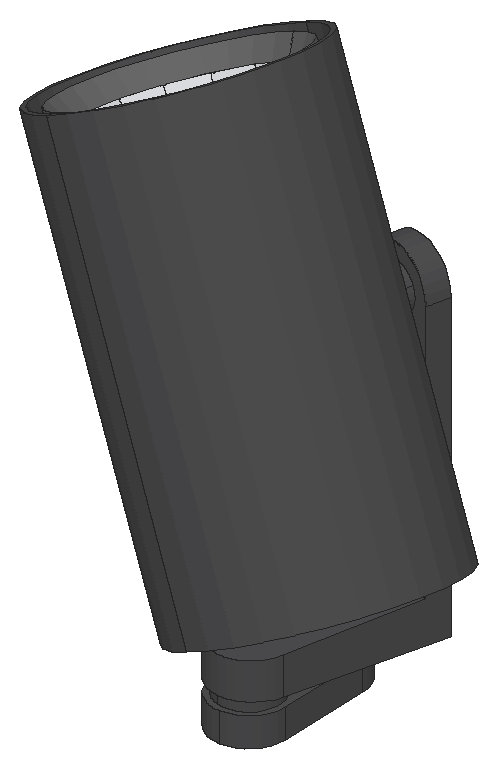
Revit family "Canilo", category Lighting Fixtures, host Face, Revit 2017 (continued)
Types (810, lengths in mm): name | system luminous flux | TK_Optic | TK_Body | System performance | SEO | ProductDataSheet | Mat | Luminaire colour | Lumen category | Lighting technology | Light colour | Lamp | IESFile | Cover / filter | CRI | Beam angle | Apparent Load
  CANILO  3P 01 LED3000-830 MF-c ET 01 | 2895 lm | "10127063" | "10161661" | 24 VA | Oktalite_Canilo_WH3000 | "http://www.oktalite.com/datasheet_print.php?language=EN&productid=63&lampid=81" | Oktalite_Alu_RAL_9016 | "RAL 9016 traffic white" | "3000 lm" | "LED" | "3000 K" | "LED" | "CANILO_LED_MF.ies" | "clear" | "85" | "Medium Flood" | 24 VA
  CANILO  3P 01 LED3000-830 MF  ET 01 | 2895 lm | "10125193" | "10161661" | 24 VA | Oktalite_Canilo_WH3000 | "http://www.oktalite.com/datasheet_print.php?language=EN&productid=63&lampid=81" | Oktalite_Alu_RAL_9016 | "RAL 9016 traffic white" | "3000 lm" | "LED" | "3000 K" | "LED" | "CANILO_LED_MF.ies" | "without" | "85" | "Medium Flood" | 24 VA
  CANILO  3P 01 LED3000-830 SP-c ET 01 | 2895 lm | "10127062" | "10161661" | 24 VA | Oktalite_Canilo_WH3000 | "http://www.oktalite.com/datasheet_print.php?language=EN&productid=63&lampid=81" | Oktalite_Alu_RAL_9016 | "RAL 9016 traffic white" | "3000 lm" | "LED" | "3000 K" | "LED" | "CANILO_LED_SP.ies" | "clear" | "85" | "Spot" | 24 VA
  CANILO  3P 01 LED3000-830 SP  ET 01 | 2895 lm | "10125190" | "10161661" | 24 VA | Oktalite_Canilo_WH3000 | "http://www.oktalite.com/datasheet_print.php?language=EN&productid=63&lampid=81" | Oktalite_Alu_RAL_9016 | "RAL 9016 traffic white" | "3000 lm" | "LED" | "3000 K" | "LED" | "CANILO_LED_SP.ies" | "without" | "85" | "Spot" | 24 VA
  CANILO  3P 05 LED3000-827 VFL-c ET 05 | 2690 lm | "10147536" | "10161660" | 24 VA | Oktalite_Canilo_WH2700 | "http://www.oktalite.com/datasheet_print.php?language=EN&productid=63&lampid=81" | Oktalite_Alu_RAL_9005 | "RAL 9005 jet black" | "3000 lm" | "LED" | "2700 K" | "LED" | "CANILO_LED_VFL.ies" | "clear" | "82" | "Very Wide Flood" | 24 VA
  CANILO  3P 05 LED3000-827 VFL  ET 05 | 2690 lm | "10147502" | "10161660" | 24 VA | Oktalite_Canilo_WH2700 | "http://www.oktalite.com/datasheet_print.php?language=EN&productid=63&lampid=81" | Oktalite_Alu_RAL_9005 | "RAL 9005 jet black" | "3000 lm" | "LED" | "2700 K" | "LED" | "CANILO_LED_VFL.ies" | "without" | "82" | "Very Wide Flood" | 24 VA
  CANILO  3P 05 LED3000-827 WFL-c ET 05 | 2690 lm | "10147535" | "10161660" | 24 VA | Oktalite_Canilo_WH2700 | "http://www.oktalite.com/datasheet_print.php?language=EN&productid=63&lampid=81" | Oktalite_Alu_RAL_9005 | "RAL 9005 jet black" | "3000 lm" | "LED" | "2700 K" | "LED" | "CANILO_LED_WFL.ies" | "clear" | "82" | "Wide Flood" | 24 VA
  CANILO  3P 05 LED3000-827 WFL  ET 05 | 2690 lm | "10147501" | "10161660" | 24 VA | Oktalite_Canilo_WH2700 | "http://www.oktalite.com/datasheet_print.php?language=EN&productid=63&lampid=81" | Oktalite_Alu_RAL_9005 | "RAL 9005 jet black" | "3000 lm" | "LED" | "2700 K" | "LED" | "CANILO_LED_WFL.ies" | "without" | "82" | "Wide Flood" | 24 VA
  CANILO  3P 05 LED3000-827 FL-c ET 05 | 2690 lm | "10127064" | "10161660" | 24 VA | Oktalite_Canilo_WH2700 | "http://www.oktalite.com/datasheet_print.php?language=EN&productid=63&lampid=81" | Oktalite_Alu_RAL_9005 | "RAL 9005 jet black" | "3000 lm" | "LED" | "2700 K" | "LED" | "CANILO_LED_FL.ies" | "clear" | "82" | "Flood" | 24 VA
  CANILO  3P 05 LED3000-827 FL  ET 05 | 2690 lm | "10125196" | "10161660" | 24 VA | Oktalite_Canilo_WH2700 | "http://www.oktalite.com/datasheet_print.php?language=EN&productid=63&lampid=81" | Oktalite_Alu_RAL_9005 | "RAL 9005 jet black" | "3000 lm" | "LED" | "2700 K" | "LED" | "CANILO_LED_FL.ies" | "without" | "82" | "Flood" | 24 VA
  CANILO  3P 05 LED3000-827 MF-c ET 05 | 2690 lm | "10127063" | "10161660" | 24 VA | Oktalite_Canilo_WH2700 | "http://www.oktalite.com/datasheet_print.php?language=EN&productid=63&lampid=81" | Oktalite_Alu_RAL_9005 | "RAL 9005 jet black" | "3000 lm" | "LED" | "2700 K" | "LED" | "CANILO_LED_MF.ies" | "clear" | "82" | "Medium Flood" | 24 VA
  CANILO  3P 05 LED3000-827 MF  ET 05 | 2690 lm | "10125193" | "10161660" | 24 VA | Oktalite_Canilo_WH2700 | "http://www.oktalite.com/datasheet_print.php?language=EN&productid=63&lampid=81" | Oktalite_Alu_RAL_9005 | "RAL 9005 jet black" | "3000 lm" | "LED" | "2700 K" | "LED" | "CANILO_LED_MF.ies" | "without" | "82" | "Medium Flood" | 24 VA
  CANILO  3P 05 LED3000-827 SP-c ET 05 | 2690 lm | "10127062" | "10161660" | 24 VA | Oktalite_Canilo_WH2700 | "http://www.oktalite.com/datasheet_print.php?language=EN&productid=63&lampid=81" | Oktalite_Alu_RAL_9005 | "RAL 9005 jet black" | "3000 lm" | "LED" | "2700 K" | "LED" | "CANILO_LED_SP.ies" | "clear" | "82" | "Spot" | 24 VA
  CANILO  3P 05 LED3000-827 SP  ET 05 | 2690 lm | "10125190" | "10161660" | 24 VA | Oktalite_Canilo_WH2700 | "http://www.oktalite.com/datasheet_print.php?language=EN&productid=63&lampid=81" | Oktalite_Alu_RAL_9005 | "RAL 9005 jet black" | "3000 lm" | "LED" | "2700 K" | "LED" | "CANILO_LED_SP.ies" | "without" | "82" | "Spot" | 24 VA
  CANILO  3P 05 LED3000-827 VFL-c ET 03 | 2690 lm | "10147536" | "10161659" | 24 VA | Oktalite_Canilo_WH2700 | "http://www.oktalite.com/datasheet_print.php?language=EN&productid=63&lampid=81" | Oktalite_Alu_RAL_9006 | "RAL 9006 white aluminium" | "3000 lm" | "LED" | "2700 K" | "LED" | "CANILO_LED_VFL.ies" | "clear" | "82" | "Very Wide Flood" | 24 VA
  CANILO  3P 05 LED3000-827 VFL  ET 03 | 2690 lm | "10147502" | "10161659" | 24 VA | Oktalite_Canilo_WH2700 | "http://www.oktalite.com/datasheet_print.php?language=EN&productid=63&lampid=81" | Oktalite_Alu_RAL_9006 | "RAL 9006 white aluminium" | "3000 lm" | "LED" | "2700 K" | "LED" | "CANILO_LED_VFL.ies" | "without" | "82" | "Very Wide Flood" | 24 VA
  CANILO  3P 05 LED3000-827 WFL-c ET 03 | 2690 lm | "10147535" | "10161659" | 24 VA | Oktalite_Canilo_WH2700 | "http://www.oktalite.com/datasheet_print.php?language=EN&productid=63&lampid=81" | Oktalite_Alu_RAL_9006 | "RAL 9006 white aluminium" | "3000 lm" | "LED" | "2700 K" | "LED" | "CANILO_LED_WFL.ies" | "clear" | "82" | "Wide Flood" | 24 VA
  CANILO  3P 05 LED3000-827 WFL  ET 03 | 2690 lm | "10147501" | "10161659" | 24 VA | Oktalite_Canilo_WH2700 | "http://www.oktalite.com/datasheet_print.php?language=EN&productid=63&lampid=81" | Oktalite_Alu_RAL_9006 | "RAL 9006 white aluminium" | "3000 lm" | "LED" | "2700 K" | "LED" | "CANILO_LED_WFL.ies" | "without" | "82" | "Wide Flood" | 24 VA
  CANILO  3P 05 LED3000-827 FL-c ET 03 | 2690 lm | "10127064" | "10161659" | 24 VA | Oktalite_Canilo_WH2700 | "http://www.oktalite.com/datasheet_print.php?language=EN&productid=63&lampid=81" | Oktalite_Alu_RAL_9006 | "RAL 9006 white aluminium" | "3000 lm" | "LED" | "2700 K" | "LED" | "CANILO_LED_FL.ies" | "clear" | "82" | "Flood" | 24 VA
  CANILO  3P 05 LED3000-827 FL  ET 03 | 2690 lm | "10125196" | "10161659" | 24 VA | Oktalite_Canilo_WH2700 | "http://www.oktalite.com/datasheet_print.php?language=EN&productid=63&lampid=81" | Oktalite_Alu_RAL_9006 | "RAL 9006 white aluminium" | "3000 lm" | "LED" | "2700 K" | "LED" | "CANILO_LED_FL.ies" | "without" | "82" | "Flood" | 24 VA
  CANILO  3P 05 LED3000-827 MF-c ET 03 | 2690 lm | "10127063" | "10161659" | 24 VA | Oktalite_Canilo_WH2700 | "http://www.oktalite.com/datasheet_print.php?language=EN&productid=63&lampid=81" | Oktalite_Alu_RAL_9006 | "RAL 9006 white aluminium" | "3000 lm" | "LED" | "2700 K" | "LED" | "CANILO_LED_MF.ies" | "clear" | "82" | "Medium Flood" | 24 VA
  CANILO  3P 05 LED3000-827 MF  ET 03 | 2690 lm | "10125193" | "10161659" | 24 VA | Oktalite_Canilo_WH2700 | "http://www.oktalite.com/datasheet_print.php?language=EN&productid=63&lampid=81" | Oktalite_Alu_RAL_9006 | "RAL 9006 white aluminium" | "3000 lm" | "LED" | "2700 K" | "LED" | "CANILO_LED_MF.ies" | "without" | "82" | "Medium Flood" | 24 VA
  CANILO  3P 05 LED3000-827 SP-c ET 03 | 2690 lm | "10127062" | "10161659" | 24 VA | Oktalite_Canilo_WH2700 | "http://www.oktalite.com/datasheet_print.php?language=EN&productid=63&lampid=81" | Oktalite_Alu_RAL_9006 | "RAL 9006 white aluminium" | "3000 lm" | "LED" | "2700 K" | "LED" | "CANILO_LED_SP.ies" | "clear" | "82" | "Spot" | 24 VA
  CANILO  3P 05 LED3000-827 SP  ET 03 | 2690 lm | "10125190" | "10161659" | 24 VA | Oktalite_Canilo_WH2700 | "http://www.oktalite.com/datasheet_print.php?language=EN&productid=63&lampid=81" | Oktalite_Alu_RAL_9006 | "RAL 9006 white aluminium" | "3000 lm" | "LED" | "2700 K" | "LED" | "CANILO_LED_SP.ies" | "without" | "82" | "Spot" | 24 VA
  CANILO  3P 01 LED3000-827 VFL-c ET 01 | 2690 lm | "10147536" | "10161658" | 24 VA | Oktalite_Canilo_WH2700 | "http://www.oktalite.com/datasheet_print.php?language=EN&productid=63&lampid=81" | Oktalite_Alu_RAL_9016 | "RAL 9016 traffic white" | "3000 lm" | "LED" | "2700 K" | "LED" | "CANILO_LED_VFL.ies" | "clear" | "82" | "Very Wide Flood" | 24 VA
  CANILO  3P 01 LED3000-827 VFL  ET 01 | 2690 lm | "10147502" | "10161658" | 24 VA | Oktalite_Canilo_WH2700 | "http://www.oktalite.com/datasheet_print.php?language=EN&productid=63&lampid=81" | Oktalite_Alu_RAL_9016 | "RAL 9016 traffic white" | "3000 lm" | "LED" | "2700 K" | "LED" | "CANILO_LED_VFL.ies" | "without" | "82" | "Very Wide Flood" | 24 VA
  CANILO  3P 01 LED3000-827 WFL-c ET 01 | 2690 lm | "10147535" | "10161658" | 24 VA | Oktalite_Canilo_WH2700 | "http://www.oktalite.com/datasheet_print.php?language=EN&productid=63&lampid=81" | Oktalite_Alu_RAL_9016 | "RAL 9016 traffic white" | "3000 lm" | "LED" | "2700 K" | "LED" | "CANILO_LED_WFL.ies" | "clear" | "82" | "Wide Flood" | 24 VA
  CANILO  3P 01 LED3000-827 WFL  ET 01 | 2690 lm | "10147501" | "10161658" | 24 VA | Oktalite_Canilo_WH2700 | "http://www.oktalite.com/datasheet_print.php?language=EN&productid=63&lampid=81" | Oktalite_Alu_RAL_9016 | "RAL 9016 traffic white" | "3000 lm" | "LED" | "2700 K" | "LED" | "CANILO_LED_WFL.ies" | "without" | "82" | "Wide Flood" | 24 VA
  CANILO  3P 01 LED3000-827 FL-c ET 01 | 2690 lm | "10127064" | "10161658" | 24 VA | Oktalite_Canilo_WH2700 | "http://www.oktalite.com/datasheet_print.php?language=EN&productid=63&lampid=81" | Oktalite_Alu_RAL_9016 | "RAL 9016 traffic white" | "3000 lm" | "LED" | "2700 K" | "LED" | "CANILO_LED_FL.ies" | "clear" | "82" | "Flood" | 24 VA
  CANILO  3P 01 LED3000-827 FL  ET 01 | 2690 lm | "10125196" | "10161658" | 24 VA | Oktalite_Canilo_WH2700 | "http://www.oktalite.com/datasheet_print.php?language=EN&productid=63&lampid=81" | Oktalite_Alu_RAL_9016 | "RAL 9016 traffic white" | "3000 lm" | "LED" | "2700 K" | "LED" | "CANILO_LED_FL.ies" | "without" | "82" | "Flood" | 24 VA
  CANILO  3P 01 LED3000-827 MF-c ET 01 | 2690 lm | "10127063" | "10161658" | 24 VA | Oktalite_Canilo_WH2700 | "http://www.oktalite.com/datasheet_print.php?language=EN&productid=63&lampid=81" | Oktalite_Alu_RAL_9016 | "RAL 9016 traffic white" | "3000 lm" | "LED" | "2700 K" | "LED" | "CANILO_LED_MF.ies" | "clear" | "82" | "Medium Flood" | 24 VA
  CANILO  3P 01 LED3000-827 MF  ET 01 | 2690 lm | "10125193" | "10161658" | 24 VA | Oktalite_Canilo_WH2700 | "http://www.oktalite.com/datasheet_print.php?language=EN&productid=63&lampid=81" | Oktalite_Alu_RAL_9016 | "RAL 9016 traffic white" | "3000 lm" | "LED" | "2700 K" | "LED" | "CANILO_LED_MF.ies" | "without" | "82" | "Medium Flood" | 24 VA
  CANILO  3P 01 LED3000-827 SP-c ET 01 | 2690 lm | "10127062" | "10161658" | 24 VA | Oktalite_Canilo_WH2700 | "http://www.oktalite.com/datasheet_print.php?language=EN&productid=63&lampid=81" | Oktalite_Alu_RAL_9016 | "RAL 9016 traffic white" | "3000 lm" | "LED" | "2700 K" | "LED" | "CANILO_LED_SP.ies" | "clear" | "82" | "Spot" | 24 VA
  CANILO  3P 01 LED3000-827 SP  ET 01 | 2690 lm | "10125190" | "10161658" | 24 VA | Oktalite_Canilo_WH2700 | "http://www.oktalite.com/datasheet_print.php?language=EN&productid=63&lampid=81" | Oktalite_Alu_RAL_9016 | "RAL 9016 traffic white" | "3000 lm" | "LED" | "2700 K" | "LED" | "CANILO_LED_SP.ies" | "without" | "82" | "Spot" | 24 VA
  CANILO  3P 05 LED3000-BVC VFL-c ET 05 | 2860 lm | "10147536" | "10161314" | 31 VA | Oktalite_Canilo_WH3100 | "http://www.oktalite.com/datasheet_print.php?language=EN&productid=63&lampid=81" | Oktalite_Alu_RAL_9005 | "RAL 9005 jet black" | "3000 lm" | "LED" | "B+V+C" | "LED" | "CANILO_LED_VFL.ies" | "clear" | "-" | "Very Wide Flood" | 31 VA
  CANILO  3P 05 LED3000-BVC VFL  ET 05 | 2860 lm | "10147502" | "10161314" | 31 VA | Oktalite_Canilo_WH3100 | "http://www.oktalite.com/datasheet_print.php?language=EN&productid=63&lampid=81" | Oktalite_Alu_RAL_9005 | "RAL 9005 jet black" | "3000 lm" | "LED" | "B+V+C" | "LED" | "CANILO_LED_VFL.ies" | "without" | "-" | "Very Wide Flood" | 31 VA
  CANILO  3P 05 LED3000-BVC WFL-c ET 05 | 2860 lm | "10147535" | "10161314" | 31 VA | Oktalite_Canilo_WH3100 | "http://www.oktalite.com/datasheet_print.php?language=EN&productid=63&lampid=81" | Oktalite_Alu_RAL_9005 | "RAL 9005 jet black" | "3000 lm" | "LED" | "B+V+C" | "LED" | "CANILO_LED_WFL.ies" | "clear" | "-" | "Wide Flood" | 31 VA
  CANILO  3P 05 LED3000-BVC WFL  ET 05 | 2860 lm | "10147501" | "10161314" | 31 VA | Oktalite_Canilo_WH3100 | "http://www.oktalite.com/datasheet_print.php?language=EN&productid=63&lampid=81" | Oktalite_Alu_RAL_9005 | "RAL 9005 jet black" | "3000 lm" | "LED" | "B+V+C" | "LED" | "CANILO_LED_WFL.ies" | "without" | "-" | "Wide Flood" | 31 VA
  CANILO  3P 05 LED3000-BVC FL-c ET 05 | 2860 lm | "10127064" | "10161314" | 31 VA | Oktalite_Canilo_WH3100 | "http://www.oktalite.com/datasheet_print.php?language=EN&productid=63&lampid=81" | Oktalite_Alu_RAL_9005 | "RAL 9005 jet black" | "3000 lm" | "LED" | "B+V+C" | "LED" | "CANILO_LED_FL.ies" | "clear" | "-" | "Flood" | 31 VA
  CANILO  3P 05 LED3000-BVC FL  ET 05 | 2860 lm | "10125196" | "10161314" | 31 VA | Oktalite_Canilo_WH3100 | "http://www.oktalite.com/datasheet_print.php?language=EN&productid=63&lampid=81" | Oktalite_Alu_RAL_9005 | "RAL 9005 jet black" | "3000 lm" | "LED" | "B+V+C" | "LED" | "CANILO_LED_FL.ies" | "without" | "-" | "Flood" | 31 VA
  CANILO  3P 05 LED3000-BVC MF-c ET 05 | 2860 lm | "10127063" | "10161314" | 31 VA | Oktalite_Canilo_WH3100 | "http://www.oktalite.com/datasheet_print.php?language=EN&productid=63&lampid=81" | Oktalite_Alu_RAL_9005 | "RAL 9005 jet black" | "3000 lm" | "LED" | "B+V+C" | "LED" | "CANILO_LED_MF.ies" | "clear" | "-" | "Medium Flood" | 31 VA
  CANILO  3P 05 LED3000-BVC MF  ET 05 | 2860 lm | "10125193" | "10161314" | 31 VA | Oktalite_Canilo_WH3100 | "http://www.oktalite.com/datasheet_print.php?language=EN&productid=63&lampid=81" | Oktalite_Alu_RAL_9005 | "RAL 9005 jet black" | "3000 lm" | "LED" | "B+V+C" | "LED" | "CANILO_LED_MF.ies" | "without" | "-" | "Medium Flood" | 31 VA
  CANILO  3P 05 LED3000-BVC SP-c ET 05 | 2860 lm | "10127062" | "10161314" | 31 VA | Oktalite_Canilo_WH3100 | "http://www.oktalite.com/datasheet_print.php?language=EN&productid=63&lampid=81" | Oktalite_Alu_RAL_9005 | "RAL 9005 jet black" | "3000 lm" | "LED" | "B+V+C" | "LED" | "CANILO_LED_SP.ies" | "clear" | "-" | "Spot" | 31 VA
  CANILO  3P 05 LED3000-BVC SP  ET 05 | 2860 lm | "10125190" | "10161314" | 31 VA | Oktalite_Canilo_WH3100 | "http://www.oktalite.com/datasheet_print.php?language=EN&productid=63&lampid=81" | Oktalite_Alu_RAL_9005 | "RAL 9005 jet black" | "3000 lm" | "LED" | "B+V+C" | "LED" | "CANILO_LED_SP.ies" | "without" | "-" | "Spot" | 31 VA
  CANILO  3P 05 LED3000-BVC VFL-c ET 03 | 2860 lm | "10147536" | "10161313" | 31 VA | Oktalite_Canilo_WH3100 | "http://www.oktalite.com/datasheet_print.php?language=EN&productid=63&lampid=81" | Oktalite_Alu_RAL_9006 | "RAL 9006 white aluminium" | "3000 lm" | "LED" | "B+V+C" | "LED" | "CANILO_LED_VFL.ies" | "clear" | "-" | "Very Wide Flood" | 31 VA
  CANILO  3P 05 LED3000-BVC VFL  ET 03 | 2860 lm | "10147502" | "10161313" | 31 VA | Oktalite_Canilo_WH3100 | "http://www.oktalite.com/datasheet_print.php?language=EN&productid=63&lampid=81" | Oktalite_Alu_RAL_9006 | "RAL 9006 white aluminium" | "3000 lm" | "LED" | "B+V+C" | "LED" | "CANILO_LED_VFL.ies" | "without" | "-" | "Very Wide Flood" | 31 VA
  CANILO  3P 05 LED3000-BVC WFL-c ET 03 | 2860 lm | "10147535" | "10161313" | 31 VA | Oktalite_Canilo_WH3100 | "http://www.oktalite.com/datasheet_print.php?language=EN&productid=63&lampid=81" | Oktalite_Alu_RAL_9006 | "RAL 9006 white aluminium" | "3000 lm" | "LED" | "B+V+C" | "LED" | "CANILO_LED_WFL.ies" | "clear" | "-" | "Wide Flood" | 31 VA
  CANILO  3P 05 LED3000-BVC WFL  ET 03 | 2860 lm | "10147501" | "10161313" | 31 VA | Oktalite_Canilo_WH3100 | "http://www.oktalite.com/datasheet_print.php?language=EN&productid=63&lampid=81" | Oktalite_Alu_RAL_9006 | "RAL 9006 white aluminium" | "3000 lm" | "LED" | "B+V+C" | "LED" | "CANILO_LED_WFL.ies" | "without" | "-" | "Wide Flood" | 31 VA
  CANILO  3P 05 LED3000-BVC FL-c ET 03 | 2860 lm | "10127064" | "10161313" | 31 VA | Oktalite_Canilo_WH3100 | "http://www.oktalite.com/datasheet_print.php?language=EN&productid=63&lampid=81" | Oktalite_Alu_RAL_9006 | "RAL 9006 white aluminium" | "3000 lm" | "LED" | "B+V+C" | "LED" | "CANILO_LED_FL.ies" | "clear" | "-" | "Flood" | 31 VA
  CANILO  3P 05 LED3000-BVC FL  ET 03 | 2860 lm | "10125196" | "10161313" | 31 VA | Oktalite_Canilo_WH3100 | "http://www.oktalite.com/datasheet_print.php?language=EN&productid=63&lampid=81" | Oktalite_Alu_RAL_9006 | "RAL 9006 white aluminium" | "3000 lm" | "LED" | "B+V+C" | "LED" | "CANILO_LED_FL.ies" | "without" | "-" | "Flood" | 31 VA
  CANILO  3P 05 LED3000-BVC MF-c ET 03 | 2860 lm | "10127063" | "10161313" | 31 VA | Oktalite_Canilo_WH3100 | "http://www.oktalite.com/datasheet_print.php?language=EN&productid=63&lampid=81" | Oktalite_Alu_RAL_9006 | "RAL 9006 white aluminium" | "3000 lm" | "LED" | "B+V+C" | "LED" | "CANILO_LED_MF.ies" | "clear" | "-" | "Medium Flood" | 31 VA
  CANILO  3P 05 LED3000-BVC MF  ET 03 | 2860 lm | "10125193" | "10161313" | 31 VA | Oktalite_Canilo_WH3100 | "http://www.oktalite.com/datasheet_print.php?language=EN&productid=63&lampid=81" | Oktalite_Alu_RAL_9006 | "RAL 9006 white aluminium" | "3000 lm" | "LED" | "B+V+C" | "LED" | "CANILO_LED_MF.ies" | "without" | "-" | "Medium Flood" | 31 VA
  CANILO  3P 05 LED3000-BVC SP-c ET 03 | 2860 lm | "10127062" | "10161313" | 31 VA | Oktalite_Canilo_WH3100 | "http://www.oktalite.com/datasheet_print.php?language=EN&productid=63&lampid=81" | Oktalite_Alu_RAL_9006 | "RAL 9006 white aluminium" | "3000 lm" | "LED" | "B+V+C" | "LED" | "CANILO_LED_SP.ies" | "clear" | "-" | "Spot" | 31 VA
  CANILO  3P 05 LED3000-BVC SP  ET 03 | 2860 lm | "10125190" | "10161313" | 31 VA | Oktalite_Canilo_WH3100 | "http://www.oktalite.com/datasheet_print.php?language=EN&productid=63&lampid=81" | Oktalite_Alu_RAL_9006 | "RAL 9006 white aluminium" | "3000 lm" | "LED" | "B+V+C" | "LED" | "CANILO_LED_SP.ies" | "without" | "-" | "Spot" | 31 VA
  CANILO  3P 01 LED3000-BVC VFL-c ET 01 | 2860 lm | "10147536" | "10161312" | 31 VA | Oktalite_Canilo_WH3100 | "http://www.oktalite.com/datasheet_print.php?language=EN&productid=63&lampid=81" | Oktalite_Alu_RAL_9016 | "RAL 9016 traffic white" | "3000 lm" | "LED" | "B+V+C" | "LED" | "CANILO_LED_VFL.ies" | "clear" | "-" | "Very Wide Flood" | 31 VA
  CANILO  3P 01 LED3000-BVC VFL  ET 01 | 2860 lm | "10147502" | "10161312" | 31 VA | Oktalite_Canilo_WH3100 | "http://www.oktalite.com/datasheet_print.php?language=EN&productid=63&lampid=81" | Oktalite_Alu_RAL_9016 | "RAL 9016 traffic white" | "3000 lm" | "LED" | "B+V+C" | "LED" | "CANILO_LED_VFL.ies" | "without" | "-" | "Very Wide Flood" | 31 VA
  CANILO  3P 01 LED3000-BVC WFL-c ET 01 | 2860 lm | "10147535" | "10161312" | 31 VA | Oktalite_Canilo_WH3100 | "http://www.oktalite.com/datasheet_print.php?language=EN&productid=63&lampid=81" | Oktalite_Alu_RAL_9016 | "RAL 9016 traffic white" | "3000 lm" | "LED" | "B+V+C" | "LED" | "CANILO_LED_WFL.ies" | "clear" | "-" | "Wide Flood" | 31 VA
  CANILO  3P 01 LED3000-BVC WFL  ET 01 | 2860 lm | "10147501" | "10161312" | 31 VA | Oktalite_Canilo_WH3100 | "http://www.oktalite.com/datasheet_print.php?language=EN&productid=63&lampid=81" | Oktalite_Alu_RAL_9016 | "RAL 9016 traffic white" | "3000 lm" | "LED" | "B+V+C" | "LED" | "CANILO_LED_WFL.ies" | "without" | "-" | "Wide Flood" | 31 VA
  CANILO  3P 01 LED3000-BVC FL-c ET 01 | 2860 lm | "10127064" | "10161312" | 31 VA | Oktalite_Canilo_WH3100 | "http://www.oktalite.com/datasheet_print.php?language=EN&productid=63&lampid=81" | Oktalite_Alu_RAL_9016 | "RAL 9016 traffic white" | "3000 lm" | "LED" | "B+V+C" | "LED" | "CANILO_LED_FL.ies" | "clear" | "-" | "Flood" | 31 VA
  CANILO  3P 01 LED3000-BVC FL  ET 01 | 2860 lm | "10125196" | "10161312" | 31 VA | Oktalite_Canilo_WH3100 | "http://www.oktalite.com/datasheet_print.php?language=EN&productid=63&lampid=81" | Oktalite_Alu_RAL_9016 | "RAL 9016 traffic white" | "3000 lm" | "LED" | "B+V+C" | "LED" | "CANILO_LED_FL.ies" | "without" | "-" | "Flood" | 31 VA
  CANILO  3P 01 LED3000-BVC MF-c ET 01 | 2860 lm | "10127063" | "10161312" | 31 VA | Oktalite_Canilo_WH3100 | "http://www.oktalite.com/datasheet_print.php?language=EN&productid=63&lampid=81" | Oktalite_Alu_RAL_9016 | "RAL 9016 traffic white" | "3000 lm" | "LED" | "B+V+C" | "LED" | "CANILO_LED_MF.ies" | "clear" | "-" | "Medium Flood" | 31 VA
  CANILO  3P 01 LED3000-BVC MF  ET 01 | 2860 lm | "10125193" | "10161312" | 31 VA | Oktalite_Canilo_WH3100 | "http://www.oktalite.com/datasheet_print.php?language=EN&productid=63&lampid=81" | Oktalite_Alu_RAL_9016 | "RAL 9016 traffic white" | "3000 lm" | "LED" | "B+V+C" | "LED" | "CANILO_LED_MF.ies" | "without" | "-" | "Medium Flood" | 31 VA
  CANILO  3P 01 LED3000-BVC SP-c ET 01 | 2860 lm | "10127062" | "10161312" | 31 VA | Oktalite_Canilo_WH3100 | "http://www.oktalite.com/datasheet_print.php?language=EN&productid=63&lampid=81" | Oktalite_Alu_RAL_9016 | "RAL 9016 traffic white" | "3000 lm" | "LED" | "B+V+C" | "LED" | "CANILO_LED_SP.ies" | "clear" | "-" | "Spot" | 31 VA
  CANILO  3P 01 LED3000-BVC SP  ET 01 | 2860 lm | "10125190" | "10161312" | 31 VA | Oktalite_Canilo_WH3100 | "http://www.oktalite.com/datasheet_print.php?language=EN&productid=63&lampid=81" | Oktalite_Alu_RAL_9016 | "RAL 9016 traffic white" | "3000 lm" | "LED" | "B+V+C" | "LED" | "CANILO_LED_SP.ies" | "without" | "-" | "Spot" | 31 VA
  CANILO  3P 05 LED4000-831 VFL-c ET 05 | 3555 lm | "10147536" | "10161696" | 32 VA | Oktalite_Canilo_WH3100 | "http://www.oktalite.com/datasheet_print.php?language=EN&productid=63&lampid=81" | Oktalite_Alu_RAL_9005 | "RAL 9005 jet black" | "4000 lm" | "LED" | "3100 K Efficient Colour" | "LED" | "CANILO_LED_VFL.ies" | "clear" | "85" | "Very Wide Flood" | 32 VA
  CANILO  3P 05 LED4000-831 VFL  ET 05 | 3555 lm | "10147502" | "10161696" | 32 VA | Oktalite_Canilo_WH3100 | "http://www.oktalite.com/datasheet_print.php?language=EN&productid=63&lampid=81" | Oktalite_Alu_RAL_9005 | "RAL 9005 jet black" | "4000 lm" | "LED" | "3100 K Efficient Colour" | "LED" | "CANILO_LED_VFL.ies" | "without" | "85" | "Very Wide Flood" | 32 VA
  CANILO  3P 05 LED4000-831 WFL-c ET 05 | 3555 lm | "10147535" | "10161696" | 32 VA | Oktalite_Canilo_WH3100 | "http://www.oktalite.com/datasheet_print.php?language=EN&productid=63&lampid=81" | Oktalite_Alu_RAL_9005 | "RAL 9005 jet black" | "4000 lm" | "LED" | "3100 K Efficient Colour" | "LED" | "CANILO_LED_WFL.ies" | "clear" | "85" | "Wide Flood" | 32 VA
  CANILO  3P 05 LED4000-831 WFL  ET 05 | 3555 lm | "10147501" | "10161696" | 32 VA | Oktalite_Canilo_WH3100 | "http://www.oktalite.com/datasheet_print.php?language=EN&productid=63&lampid=81" | Oktalite_Alu_RAL_9005 | "RAL 9005 jet black" | "4000 lm" | "LED" | "3100 K Efficient Colour" | "LED" | "CANILO_LED_WFL.ies" | "without" | "85" | "Wide Flood" | 32 VA
  CANILO  3P 05 LED4000-831 FL-c ET 05 | 3555 lm | "10127064" | "10161696" | 32 VA | Oktalite_Canilo_WH3100 | "http://www.oktalite.com/datasheet_print.php?language=EN&productid=63&lampid=81" | Oktalite_Alu_RAL_9005 | "RAL 9005 jet black" | "4000 lm" | "LED" | "3100 K Efficient Colour" | "LED" | "CANILO_LED_FL.ies" | "clear" | "85" | "Flood" | 32 VA
  CANILO  3P 05 LED4000-831 FL  ET 05 | 3555 lm | "10125196" | "10161696" | 32 VA | Oktalite_Canilo_WH3100 | "http://www.oktalite.com/datasheet_print.php?language=EN&productid=63&lampid=81" | Oktalite_Alu_RAL_9005 | "RAL 9005 jet black" | "4000 lm" | "LED" | "3100 K Efficient Colour" | "LED" | "CANILO_LED_FL.ies" | "without" | "85" | "Flood" | 32 VA
  CANILO  3P 05 LED4000-831 MF-c ET 05 | 3555 lm | "10127063" | "10161696" | 32 VA | Oktalite_Canilo_WH3100 | "http://www.oktalite.com/datasheet_print.php?language=EN&productid=63&lampid=81" | Oktalite_Alu_RAL_9005 | "RAL 9005 jet black" | "4000 lm" | "LED" | "3100 K Efficient Colour" | "LED" | "CANILO_LED_MF.ies" | "clear" | "85" | "Medium Flood" | 32 VA
  CANILO  3P 05 LED4000-831 MF  ET 05 | 3555 lm | "10125193" | "10161696" | 32 VA | Oktalite_Canilo_WH3100 | "http://www.oktalite.com/datasheet_print.php?language=EN&productid=63&lampid=81" | Oktalite_Alu_RAL_9005 | "RAL 9005 jet black" | "4000 lm" | "LED" | "3100 K Efficient Colour" | "LED" | "CANILO_LED_MF.ies" | "without" | "85" | "Medium Flood" | 32 VA
  CANILO  3P 05 LED4000-831 SP-c ET 05 | 3555 lm | "10127062" | "10161696" | 32 VA | Oktalite_Canilo_WH3100 | "http://www.oktalite.com/datasheet_print.php?language=EN&productid=63&lampid=81" | Oktalite_Alu_RAL_9005 | "RAL 9005 jet black" | "4000 lm" | "LED" | "3100 K Efficient Colour" | "LED" | "CANILO_LED_SP.ies" | "clear" | "85" | "Spot" | 32 VA
  CANILO  3P 05 LED4000-831 SP  ET 05 | 3555 lm | "10125190" | "10161696" | 32 VA | Oktalite_Canilo_WH3100 | "http://www.oktalite.com/datasheet_print.php?language=EN&productid=63&lampid=81" | Oktalite_Alu_RAL_9005 | "RAL 9005 jet black" | "4000 lm" | "LED" | "3100 K Efficient Colour" | "LED" | "CANILO_LED_SP.ies" | "without" | "85" | "Spot" | 32 VA
  CANILO  3P 05 LED4000-831 VFL-c ET 03 | 3555 lm | "10147536" | "10161695" | 32 VA | Oktalite_Canilo_WH3100 | "http://www.oktalite.com/datasheet_print.php?language=EN&productid=63&lampid=81" | Oktalite_Alu_RAL_9006 | "RAL 9006 white aluminium" | "4000 lm" | "LED" | "3100 K Efficient Colour" | "LED" | "CANILO_LED_VFL.ies" | "clear" | "85" | "Very Wide Flood" | 32 VA
  CANILO  3P 05 LED4000-831 VFL  ET 03 | 3555 lm | "10147502" | "10161695" | 32 VA | Oktalite_Canilo_WH3100 | "http://www.oktalite.com/datasheet_print.php?language=EN&productid=63&lampid=81" | Oktalite_Alu_RAL_9006 | "RAL 9006 white aluminium" | "4000 lm" | "LED" | "3100 K Efficient Colour" | "LED" | "CANILO_LED_VFL.ies" | "without" | "85" | "Very Wide Flood" | 32 VA
  CANILO  3P 05 LED4000-831 WFL-c ET 03 | 3555 lm | "10147535" | "10161695" | 32 VA | Oktalite_Canilo_WH3100 | "http://www.oktalite.com/datasheet_print.php?language=EN&productid=63&lampid=81" | Oktalite_Alu_RAL_9006 | "RAL 9006 white aluminium" | "4000 lm" | "LED" | "3100 K Efficient Colour" | "LED" | "CANILO_LED_WFL.ies" | "clear" | "85" | "Wide Flood" | 32 VA
  CANILO  3P 05 LED4000-831 WFL  ET 03 | 3555 lm | "10147501" | "10161695" | 32 VA | Oktalite_Canilo_WH3100 | "http://www.oktalite.com/datasheet_print.php?language=EN&productid=63&lampid=81" | Oktalite_Alu_RAL_9006 | "RAL 9006 white aluminium" | "4000 lm" | "LED" | "3100 K Efficient Colour" | "LED" | "CANILO_LED_WFL.ies" | "without" | "85" | "Wide Flood" | 32 VA
  CANILO  3P 05 LED4000-831 FL-c ET 03 | 3555 lm | "10127064" | "10161695" | 32 VA | Oktalite_Canilo_WH3100 | "http://www.oktalite.com/datasheet_print.php?language=EN&productid=63&lampid=81" | Oktalite_Alu_RAL_9006 | "RAL 9006 white aluminium" | "4000 lm" | "LED" | "3100 K Efficient Colour" | "LED" | "CANILO_LED_FL.ies" | "clear" | "85" | "Flood" | 32 VA
  CANILO  3P 05 LED4000-831 FL  ET 03 | 3555 lm | "10125196" | "10161695" | 32 VA | Oktalite_Canilo_WH3100 | "http://www.oktalite.com/datasheet_print.php?language=EN&productid=63&lampid=81" | Oktalite_Alu_RAL_9006 | "RAL 9006 white aluminium" | "4000 lm" | "LED" | "3100 K Efficient Colour" | "LED" | "CANILO_LED_FL.ies" | "without" | "85" | "Flood" | 32 VA
  CANILO  3P 05 LED4000-831 MF-c ET 03 | 3555 lm | "10127063" | "10161695" | 32 VA | Oktalite_Canilo_WH3100 | "http://www.oktalite.com/datasheet_print.php?language=EN&productid=63&lampid=81" | Oktalite_Alu_RAL_9006 | "RAL 9006 white aluminium" | "4000 lm" | "LED" | "3100 K Efficient Colour" | "LED" | "CANILO_LED_MF.ies" | "clear" | "85" | "Medium Flood" | 32 VA
  CANILO  3P 05 LED4000-831 MF  ET 03 | 3555 lm | "10125193" | "10161695" | 32 VA | Oktalite_Canilo_WH3100 | "http://www.oktalite.com/datasheet_print.php?language=EN&productid=63&lampid=81" | Oktalite_Alu_RAL_9006 | "RAL 9006 white aluminium" | "4000 lm" | "LED" | "3100 K Efficient Colour" | "LED" | "CANILO_LED_MF.ies" | "without" | "85" | "Medium Flood" | 32 VA
  CANILO  3P 05 LED4000-831 SP-c ET 03 | 3555 lm | "10127062" | "10161695" | 32 VA | Oktalite_Canilo_WH3100 | "http://www.oktalite.com/datasheet_print.php?language=EN&productid=63&lampid=81" | Oktalite_Alu_RAL_9006 | "RAL 9006 white aluminium" | "4000 lm" | "LED" | "3100 K Efficient Colour" | "LED" | "CANILO_LED_SP.ies" | "clear" | "85" | "Spot" | 32 VA
  CANILO  3P 05 LED4000-831 SP  ET 03 | 3555 lm | "10125190" | "10161695" | 32 VA | Oktalite_Canilo_WH3100 | "http://www.oktalite.com/datasheet_print.php?language=EN&productid=63&lampid=81" | Oktalite_Alu_RAL_9006 | "RAL 9006 white aluminium" | "4000 lm" | "LED" | "3100 K Efficient Colour" | "LED" | "CANILO_LED_SP.ies" | "without" | "85" | "Spot" | 32 VA
  CANILO  3P 01 LED4000-831 VFL-c ET 01 | 3555 lm | "10147536" | "10161694" | 32 VA | Oktalite_Canilo_WH3100 | "http://www.oktalite.com/datasheet_print.php?language=EN&productid=63&lampid=81" | Oktalite_Alu_RAL_9016 | "RAL 9016 traffic white" | "4000 lm" | "LED" | "3100 K Efficient Colour" | "LED" | "CANILO_LED_VFL.ies" | "clear" | "85" | "Very Wide Flood" | 32 VA
  CANILO  3P 01 LED4000-831 VFL  ET 01 | 3555 lm | "10147502" | "10161694" | 32 VA | Oktalite_Canilo_WH3100 | "http://www.oktalite.com/datasheet_print.php?language=EN&productid=63&lampid=81" | Oktalite_Alu_RAL_9016 | "RAL 9016 traffic white" | "4000 lm" | "LED" | "3100 K Efficient Colour" | "LED" | "CANILO_LED_VFL.ies" | "without" | "85" | "Very Wide Flood" | 32 VA
  CANILO  3P 01 LED4000-831 WFL-c ET 01 | 3555 lm | "10147535" | "10161694" | 32 VA | Oktalite_Canilo_WH3100 | "http://www.oktalite.com/datasheet_print.php?language=EN&productid=63&lampid=81" | Oktalite_Alu_RAL_9016 | "RAL 9016 traffic white" | "4000 lm" | "LED" | "3100 K Efficient Colour" | "LED" | "CANILO_LED_WFL.ies" | "clear" | "85" | "Wide Flood" | 32 VA
  CANILO  3P 01 LED4000-831 WFL  ET 01 | 3555 lm | "10147501" | "10161694" | 32 VA | Oktalite_Canilo_WH3100 | "http://www.oktalite.com/datasheet_print.php?language=EN&productid=63&lampid=81" | Oktalite_Alu_RAL_9016 | "RAL 9016 traffic white" | "4000 lm" | "LED" | "3100 K Efficient Colour" | "LED" | "CANILO_LED_WFL.ies" | "without" | "85" | "Wide Flood" | 32 VA
  CANILO  3P 01 LED4000-831 FL-c ET 01 | 3555 lm | "10127064" | "10161694" | 32 VA | Oktalite_Canilo_WH3100 | "http://www.oktalite.com/datasheet_print.php?language=EN&productid=63&lampid=81" | Oktalite_Alu_RAL_9016 | "RAL 9016 traffic white" | "4000 lm" | "LED" | "3100 K Efficient Colour" | "LED" | "CANILO_LED_FL.ies" | "clear" | "85" | "Flood" | 32 VA
  CANILO  3P 01 LED4000-831 FL  ET 01 | 3555 lm | "10125196" | "10161694" | 32 VA | Oktalite_Canilo_WH3100 | "http://www.oktalite.com/datasheet_print.php?language=EN&productid=63&lampid=81" | Oktalite_Alu_RAL_9016 | "RAL 9016 traffic white" | "4000 lm" | "LED" | "3100 K Efficient Colour" | "LED" | "CANILO_LED_FL.ies" | "without" | "85" | "Flood" | 32 VA
  CANILO  3P 01 LED4000-831 MF-c ET 01 | 3555 lm | "10127063" | "10161694" | 32 VA | Oktalite_Canilo_WH3100 | "http://www.oktalite.com/datasheet_print.php?language=EN&productid=63&lampid=81" | Oktalite_Alu_RAL_9016 | "RAL 9016 traffic white" | "4000 lm" | "LED" | "3100 K Efficient Colour" | "LED" | "CANILO_LED_MF.ies" | "clear" | "85" | "Medium Flood" | 32 VA
  CANILO  3P 01 LED4000-831 MF  ET 01 | 3555 lm | "10125193" | "10161694" | 32 VA | Oktalite_Canilo_WH3100 | "http://www.oktalite.com/datasheet_print.php?language=EN&productid=63&lampid=81" | Oktalite_Alu_RAL_9016 | "RAL 9016 traffic white" | "4000 lm" | "LED" | "3100 K Efficient Colour" | "LED" | "CANILO_LED_MF.ies" | "without" | "85" | "Medium Flood" | 32 VA
  CANILO  3P 01 LED4000-831 SP-c ET 01 | 3555 lm | "10127062" | "10161694" | 32 VA | Oktalite_Canilo_WH3100 | "http://www.oktalite.com/datasheet_print.php?language=EN&productid=63&lampid=81" | Oktalite_Alu_RAL_9016 | "RAL 9016 traffic white" | "4000 lm" | "LED" | "3100 K Efficient Colour" | "LED" | "CANILO_LED_SP.ies" | "clear" | "85" | "Spot" | 32 VA
  CANILO  3P 01 LED4000-831 SP  ET 01 | 3555 lm | "10125190" | "10161694" | 32 VA | Oktalite_Canilo_WH3100 | "http://www.oktalite.com/datasheet_print.php?language=EN&productid=63&lampid=81" | Oktalite_Alu_RAL_9016 | "RAL 9016 traffic white" | "4000 lm" | "LED" | "3100 K Efficient Colour" | "LED" | "CANILO_LED_SP.ies" | "without" | "85" | "Spot" | 32 VA
  CANILO  3P 05 LED4000-931 VFL-c ET 05 | 3510 lm | "10147536" | "10161678" | 42 VA | Oktalite_Canilo_WH3100 | "http://www.oktalite.com/datasheet_print.php?language=EN&productid=63&lampid=81" | Oktalite_Alu_RAL_9005 | "RAL 9005 jet black" | "4000 lm" | "LED" | "3100 K Best Colour" | "LED" | "CANILO_LED_VFL.ies" | "clear" | "95" | "Very Wide Flood" | 42 VA
  CANILO  3P 05 LED4000-931 VFL  ET 05 | 3510 lm | "10147502" | "10161678" | 42 VA | Oktalite_Canilo_WH3100 | "http://www.oktalite.com/datasheet_print.php?language=EN&productid=63&lampid=81" | Oktalite_Alu_RAL_9005 | "RAL 9005 jet black" | "4000 lm" | "LED" | "3100 K Best Colour" | "LED" | "CANILO_LED_VFL.ies" | "without" | "95" | "Very Wide Flood" | 42 VA
  CANILO  3P 05 LED4000-931 WFL-c ET 05 | 3510 lm | "10147535" | "10161678" | 42 VA | Oktalite_Canilo_WH3100 | "http://www.oktalite.com/datasheet_print.php?language=EN&productid=63&lampid=81" | Oktalite_Alu_RAL_9005 | "RAL 9005 jet black" | "4000 lm" | "LED" | "3100 K Best Colour" | "LED" | "CANILO_LED_WFL.ies" | "clear" | "95" | "Wide Flood" | 42 VA
  CANILO  3P 05 LED4000-931 WFL  ET 05 | 3510 lm | "10147501" | "10161678" | 42 VA | Oktalite_Canilo_WH3100 | "http://www.oktalite.com/datasheet_print.php?language=EN&productid=63&lampid=81" | Oktalite_Alu_RAL_9005 | "RAL 9005 jet black" | "4000 lm" | "LED" | "3100 K Best Colour" | "LED" | "CANILO_LED_WFL.ies" | "without" | "95" | "Wide Flood" | 42 VA
  CANILO  3P 05 LED4000-931 FL-c ET 05 | 3510 lm | "10127064" | "10161678" | 42 VA | Oktalite_Canilo_WH3100 | "http://www.oktalite.com/datasheet_print.php?language=EN&productid=63&lampid=81" | Oktalite_Alu_RAL_9005 | "RAL 9005 jet black" | "4000 lm" | "LED" | "3100 K Best Colour" | "LED" | "CANILO_LED_FL.ies" | "clear" | "95" | "Flood" | 42 VA
  CANILO  3P 05 LED4000-931 FL  ET 05 | 3510 lm | "10125196" | "10161678" | 42 VA | Oktalite_Canilo_WH3100 | "http://www.oktalite.com/datasheet_print.php?language=EN&productid=63&lampid=81" | Oktalite_Alu_RAL_9005 | "RAL 9005 jet black" | "4000 lm" | "LED" | "3100 K Best Colour" | "LED" | "CANILO_LED_FL.ies" | "without" | "95" | "Flood" | 42 VA
  CANILO  3P 05 LED4000-931 MF-c ET 05 | 3510 lm | "10127063" | "10161678" | 42 VA | Oktalite_Canilo_WH3100 | "http://www.oktalite.com/datasheet_print.php?language=EN&productid=63&lampid=81" | Oktalite_Alu_RAL_9005 | "RAL 9005 jet black" | "4000 lm" | "LED" | "3100 K Best Colour" | "LED" | "CANILO_LED_MF.ies" | "clear" | "95" | "Medium Flood" | 42 VA
  CANILO  3P 05 LED4000-931 MF  ET 05 | 3510 lm | "10125193" | "10161678" | 42 VA | Oktalite_Canilo_WH3100 | "http://www.oktalite.com/datasheet_print.php?language=EN&productid=63&lampid=81" | Oktalite_Alu_RAL_9005 | "RAL 9005 jet black" | "4000 lm" | "LED" | "3100 K Best Colour" | "LED" | "CANILO_LED_MF.ies" | "without" | "95" | "Medium Flood" | 42 VA
  CANILO  3P 05 LED4000-931 SP-c ET 05 | 3510 lm | "10127062" | "10161678" | 42 VA | Oktalite_Canilo_WH3100 | "http://www.oktalite.com/datasheet_print.php?language=EN&productid=63&lampid=81" | Oktalite_Alu_RAL_9005 | "RAL 9005 jet black" | "4000 lm" | "LED" | "3100 K Best Colour" | "LED" | "CANILO_LED_SP.ies" | "clear" | "95" | "Spot" | 42 VA
  CANILO  3P 05 LED4000-931 SP  ET 05 | 3510 lm | "10125190" | "10161678" | 42 VA | Oktalite_Canilo_WH3100 | "http://www.oktalite.com/datasheet_print.php?language=EN&productid=63&lampid=81" | Oktalite_Alu_RAL_9005 | "RAL 9005 jet black" | "4000 lm" | "LED" | "3100 K Best Colour" | "LED" | "CANILO_LED_SP.ies" | "without" | "95" | "Spot" | 42 VA
  CANILO  3P 05 LED4000-931 VFL-c ET 03 | 3510 lm | "10147536" | "10161677" | 42 VA | Oktalite_Canilo_WH3100 | "http://www.oktalite.com/datasheet_print.php?language=EN&productid=63&lampid=81" | Oktalite_Alu_RAL_9006 | "RAL 9006 white aluminium" | "4000 lm" | "LED" | "3100 K Best Colour" | "LED" | "CANILO_LED_VFL.ies" | "clear" | "95" | "Very Wide Flood" | 42 VA
  CANILO  3P 05 LED4000-931 VFL  ET 03 | 3510 lm | "10147502" | "10161677" | 42 VA | Oktalite_Canilo_WH3100 | "http://www.oktalite.com/datasheet_print.php?language=EN&productid=63&lampid=81" | Oktalite_Alu_RAL_9006 | "RAL 9006 white aluminium" | "4000 lm" | "LED" | "3100 K Best Colour" | "LED" | "CANILO_LED_VFL.ies" | "without" | "95" | "Very Wide Flood" | 42 VA
  CANILO  3P 05 LED4000-931 WFL-c ET 03 | 3510 lm | "10147535" | "10161677" | 42 VA | Oktalite_Canilo_WH3100 | "http://www.oktalite.com/datasheet_print.php?language=EN&productid=63&lampid=81" | Oktalite_Alu_RAL_9006 | "RAL 9006 white aluminium" | "4000 lm" | "LED" | "3100 K Best Colour" | "LED" | "CANILO_LED_WFL.ies" | "clear" | "95" | "Wide Flood" | 42 VA
  CANILO  3P 05 LED4000-931 WFL  ET 03 | 3510 lm | "10147501" | "10161677" | 42 VA | Oktalite_Canilo_WH3100 | "http://www.oktalite.com/datasheet_print.php?language=EN&productid=63&lampid=81" | Oktalite_Alu_RAL_9006 | "RAL 9006 white aluminium" | "4000 lm" | "LED" | "3100 K Best Colour" | "LED" | "CANILO_LED_WFL.ies" | "without" | "95" | "Wide Flood" | 42 VA
  CANILO  3P 05 LED4000-931 FL-c ET 03 | 3510 lm | "10127064" | "10161677" | 42 VA | Oktalite_Canilo_WH3100 | "http://www.oktalite.com/datasheet_print.php?language=EN&productid=63&lampid=81" | Oktalite_Alu_RAL_9006 | "RAL 9006 white aluminium" | "4000 lm" | "LED" | "3100 K Best Colour" | "LED" | "CANILO_LED_FL.ies" | "clear" | "95" | "Flood" | 42 VA
  CANILO  3P 05 LED4000-931 FL  ET 03 | 3510 lm | "10125196" | "10161677" | 42 VA | Oktalite_Canilo_WH3100 | "http://www.oktalite.com/datasheet_print.php?language=EN&productid=63&lampid=81" | Oktalite_Alu_RAL_9006 | "RAL 9006 white aluminium" | "4000 lm" | "LED" | "3100 K Best Colour" | "LED" | "CANILO_LED_FL.ies" | "without" | "95" | "Flood" | 42 VA
  CANILO  3P 05 LED4000-931 MF-c ET 03 | 3510 lm | "10127063" | "10161677" | 42 VA | Oktalite_Canilo_WH3100 | "http://www.oktalite.com/datasheet_print.php?language=EN&productid=63&lampid=81" | Oktalite_Alu_RAL_9006 | "RAL 9006 white aluminium" | "4000 lm" | "LED" | "3100 K Best Colour" | "LED" | "CANILO_LED_MF.ies" | "clear" | "95" | "Medium Flood" | 42 VA
  CANILO  3P 05 LED4000-931 MF  ET 03 | 3510 lm | "10125193" | "10161677" | 42 VA | Oktalite_Canilo_WH3100 | "http://www.oktalite.com/datasheet_print.php?language=EN&productid=63&lampid=81" | Oktalite_Alu_RAL_9006 | "RAL 9006 white aluminium" | "4000 lm" | "LED" | "3100 K Best Colour" | "LED" | "CANILO_LED_MF.ies" | "without" | "95" | "Medium Flood" | 42 VA
  CANILO  3P 05 LED4000-931 SP-c ET 03 | 3510 lm | "10127062" | "10161677" | 42 VA | Oktalite_Canilo_WH3100 | "http://www.oktalite.com/datasheet_print.php?language=EN&productid=63&lampid=81" | Oktalite_Alu_RAL_9006 | "RAL 9006 white aluminium" | "4000 lm" | "LED" | "3100 K Best Colour" | "LED" | "CANILO_LED_SP.ies" | "clear" | "95" | "Spot" | 42 VA
  CANILO  3P 05 LED4000-931 SP  ET 03 | 3510 lm | "10125190" | "10161677" | 42 VA | Oktalite_Canilo_WH3100 | "http://www.oktalite.com/datasheet_print.php?language=EN&productid=63&lampid=81" | Oktalite_Alu_RAL_9006 | "RAL 9006 white aluminium" | "4000 lm" | "LED" | "3100 K Best Colour" | "LED" | "CANILO_LED_SP.ies" | "without" | "95" | "Spot" | 42 VA
  CANILO  3P 01 LED4000-931 VFL-c ET 01 | 3510 lm | "10147536" | "10161676" | 42 VA | Oktalite_Canilo_WH3100 | "http://www.oktalite.com/datasheet_print.php?language=EN&productid=63&lampid=81" | Oktalite_Alu_RAL_9016 | "RAL 9016 traffic white" | "4000 lm" | "LED" | "3100 K Best Colour" | "LED" | "CANILO_LED_VFL.ies" | "clear" | "95" | "Very Wide Flood" | 42 VA
  CANILO  3P 01 LED4000-931 VFL  ET 01 | 3510 lm | "10147502" | "10161676" | 42 VA | Oktalite_Canilo_WH3100 | "http://www.oktalite.com/datasheet_print.php?language=EN&productid=63&lampid=81" | Oktalite_Alu_RAL_9016 | "RAL 9016 traffic white" | "4000 lm" | "LED" | "3100 K Best Colour" | "LED" | "CANILO_LED_VFL.ies" | "without" | "95" | "Very Wide Flood" | 42 VA
  CANILO  3P 01 LED4000-931 WFL-c ET 01 | 3510 lm | "10147535" | "10161676" | 42 VA | Oktalite_Canilo_WH3100 | "http://www.oktalite.com/datasheet_print.php?language=EN&productid=63&lampid=81" | Oktalite_Alu_RAL_9016 | "RAL 9016 traffic white" | "4000 lm" | "LED" | "3100 K Best Colour" | "LED" | "CANILO_LED_WFL.ies" | "clear" | "95" | "Wide Flood" | 42 VA
  CANILO  3P 01 LED4000-931 WFL  ET 01 | 3510 lm | "10147501" | "10161676" | 42 VA | Oktalite_Canilo_WH3100 | "http://www.oktalite.com/datasheet_print.php?language=EN&productid=63&lampid=81" | Oktalite_Alu_RAL_9016 | "RAL 9016 traffic white" | "4000 lm" | "LED" | "3100 K Best Colour" | "LED" | "CANILO_LED_WFL.ies" | "without" | "95" | "Wide Flood" | 42 VA
  CANILO  3P 01 LED4000-931 FL-c ET 01 | 3510 lm | "10127064" | "10161676" | 42 VA | Oktalite_Canilo_WH3100 | "http://www.oktalite.com/datasheet_print.php?language=EN&productid=63&lampid=81" | Oktalite_Alu_RAL_9016 | "RAL 9016 traffic white" | "4000 lm" | "LED" | "3100 K Best Colour" | "LED" | "CANILO_LED_FL.ies" | "clear" | "95" | "Flood" | 42 VA
  CANILO  3P 01 LED4000-931 FL  ET 01 | 3510 lm | "10125196" | "10161676" | 42 VA | Oktalite_Canilo_WH3100 | "http://www.oktalite.com/datasheet_print.php?language=EN&productid=63&lampid=81" | Oktalite_Alu_RAL_9016 | "RAL 9016 traffic white" | "4000 lm" | "LED" | "3100 K Best Colour" | "LED" | "CANILO_LED_FL.ies" | "without" | "95" | "Flood" | 42 VA
  CANILO  3P 01 LED4000-931 MF-c ET 01 | 3510 lm | "10127063" | "10161676" | 42 VA | Oktalite_Canilo_WH3100 | "http://www.oktalite.com/datasheet_print.php?language=EN&productid=63&lampid=81" | Oktalite_Alu_RAL_9016 | "RAL 9016 traffic white" | "4000 lm" | "LED" | "3100 K Best Colour" | "LED" | "CANILO_LED_MF.ies" | "clear" | "95" | "Medium Flood" | 42 VA
  CANILO  3P 01 LED4000-931 MF  ET 01 | 3510 lm | "10125193" | "10161676" | 42 VA | Oktalite_Canilo_WH3100 | "http://www.oktalite.com/datasheet_print.php?language=EN&productid=63&lampid=81" | Oktalite_Alu_RAL_9016 | "RAL 9016 traffic white" | "4000 lm" | "LED" | "3100 K Best Colour" | "LED" | "CANILO_LED_MF.ies" | "without" | "95" | "Medium Flood" | 42 VA
  CANILO  3P 01 LED4000-931 SP-c ET 01 | 3510 lm | "10127062" | "10161676" | 42 VA | Oktalite_Canilo_WH3100 | "http://www.oktalite.com/datasheet_print.php?language=EN&productid=63&lampid=81" | Oktalite_Alu_RAL_9016 | "RAL 9016 traffic white" | "4000 lm" | "LED" | "3100 K Best Colour" | "LED" | "CANILO_LED_SP.ies" | "clear" | "95" | "Spot" | 42 VA
  CANILO  3P 01 LED4000-931 SP  ET 01 | 3510 lm | "10125190" | "10161676" | 42 VA | Oktalite_Canilo_WH3100 | "http://www.oktalite.com/datasheet_print.php?language=EN&productid=63&lampid=81" | Oktalite_Alu_RAL_9016 | "RAL 9016 traffic white" | "4000 lm" | "LED" | "3100 K Best Colour" | "LED" | "CANILO_LED_SP.ies" | "without" | "95" | "Spot" | 42 VA
  CANILO  3P 05 LED4000-840 VFL-c ET 05 | 3780 lm | "10147536" | "10161708" | 32 VA | Oktalite_Canilo_WH4000 | "http://www.oktalite.com/datasheet_print.php?language=EN&productid=63&lampid=81" | Oktalite_Alu_RAL_9005 | "RAL 9005 jet black" | "4000 lm" | "LED" | "4000 K" | "LED" | "CANILO_LED_VFL.ies" | "clear" | "85" | "Very Wide Flood" | 32 VA
  CANILO  3P 05 LED4000-840 VFL  ET 05 | 3780 lm | "10147502" | "10161708" | 32 VA | Oktalite_Canilo_WH4000 | "http://www.oktalite.com/datasheet_print.php?language=EN&productid=63&lampid=81" | Oktalite_Alu_RAL_9005 | "RAL 9005 jet black" | "4000 lm" | "LED" | "4000 K" | "LED" | "CANILO_LED_VFL.ies" | "without" | "85" | "Very Wide Flood" | 32 VA
  CANILO  3P 05 LED4000-840 WFL-c ET 05 | 3780 lm | "10147535" | "10161708" | 32 VA | Oktalite_Canilo_WH4000 | "http://www.oktalite.com/datasheet_print.php?language=EN&productid=63&lampid=81" | Oktalite_Alu_RAL_9005 | "RAL 9005 jet black" | "4000 lm" | "LED" | "4000 K" | "LED" | "CANILO_LED_WFL.ies" | "clear" | "85" | "Wide Flood" | 32 VA
  CANILO  3P 05 LED4000-840 WFL  ET 05 | 3780 lm | "10147501" | "10161708" | 32 VA | Oktalite_Canilo_WH4000 | "http://www.oktalite.com/datasheet_print.php?language=EN&productid=63&lampid=81" | Oktalite_Alu_RAL_9005 | "RAL 9005 jet black" | "4000 lm" | "LED" | "4000 K" | "LED" | "CANILO_LED_WFL.ies" | "without" | "85" | "Wide Flood" | 32 VA
  CANILO  3P 05 LED4000-840 FL-c ET 05 | 3780 lm | "10127064" | "10161708" | 32 VA | Oktalite_Canilo_WH4000 | "http://www.oktalite.com/datasheet_print.php?language=EN&productid=63&lampid=81" | Oktalite_Alu_RAL_9005 | "RAL 9005 jet black" | "4000 lm" | "LED" | "4000 K" | "LED" | "CANILO_LED_FL.ies" | "clear" | "85" | "Flood" | 32 VA
  CANILO  3P 05 LED4000-840 FL  ET 05 | 3780 lm | "10125196" | "10161708" | 32 VA | Oktalite_Canilo_WH4000 | "http://www.oktalite.com/datasheet_print.php?language=EN&productid=63&lampid=81" | Oktalite_Alu_RAL_9005 | "RAL 9005 jet black" | "4000 lm" | "LED" | "4000 K" | "LED" | "CANILO_LED_FL.ies" | "without" | "85" | "Flood" | 32 VA
  CANILO  3P 05 LED4000-840 MF-c ET 05 | 3780 lm | "10127063" | "10161708" | 32 VA | Oktalite_Canilo_WH4000 | "http://www.oktalite.com/datasheet_print.php?language=EN&productid=63&lampid=81" | Oktalite_Alu_RAL_9005 | "RAL 9005 jet black" | "4000 lm" | "LED" | "4000 K" | "LED" | "CANILO_LED_MF.ies" | "clear" | "85" | "Medium Flood" | 32 VA
  CANILO  3P 05 LED4000-840 MF  ET 05 | 3780 lm | "10125193" | "10161708" | 32 VA | Oktalite_Canilo_WH4000 | "http://www.oktalite.com/datasheet_print.php?language=EN&productid=63&lampid=81" | Oktalite_Alu_RAL_9005 | "RAL 9005 jet black" | "4000 lm" | "LED" | "4000 K" | "LED" | "CANILO_LED_MF.ies" | "without" | "85" | "Medium Flood" | 32 VA
  CANILO  3P 05 LED4000-840 SP-c ET 05 | 3780 lm | "10127062" | "10161708" | 32 VA | Oktalite_Canilo_WH4000 | "http://www.oktalite.com/datasheet_print.php?language=EN&productid=63&lampid=81" | Oktalite_Alu_RAL_9005 | "RAL 9005 jet black" | "4000 lm" | "LED" | "4000 K" | "LED" | "CANILO_LED_SP.ies" | "clear" | "85" | "Spot" | 32 VA
  CANILO  3P 05 LED4000-840 SP  ET 05 | 3780 lm | "10125190" | "10161708" | 32 VA | Oktalite_Canilo_WH4000 | "http://www.oktalite.com/datasheet_print.php?language=EN&productid=63&lampid=81" | Oktalite_Alu_RAL_9005 | "RAL 9005 jet black" | "4000 lm" | "LED" | "4000 K" | "LED" | "CANILO_LED_SP.ies" | "without" | "85" | "Spot" | 32 VA
  CANILO  3P 05 LED4000-840 VFL-c ET 03 | 3780 lm | "10147536" | "10161707" | 32 VA | Oktalite_Canilo_WH4000 | "http://www.oktalite.com/datasheet_print.php?language=EN&productid=63&lampid=81" | Oktalite_Alu_RAL_9006 | "RAL 9006 white aluminium" | "4000 lm" | "LED" | "4000 K" | "LED" | "CANILO_LED_VFL.ies" | "clear" | "85" | "Very Wide Flood" | 32 VA
  CANILO  3P 05 LED4000-840 VFL  ET 03 | 3780 lm | "10147502" | "10161707" | 32 VA | Oktalite_Canilo_WH4000 | "http://www.oktalite.com/datasheet_print.php?language=EN&productid=63&lampid=81" | Oktalite_Alu_RAL_9006 | "RAL 9006 white aluminium" | "4000 lm" | "LED" | "4000 K" | "LED" | "CANILO_LED_VFL.ies" | "without" | "85" | "Very Wide Flood" | 32 VA
  CANILO  3P 05 LED4000-840 WFL-c ET 03 | 3780 lm | "10147535" | "10161707" | 32 VA | Oktalite_Canilo_WH4000 | "http://www.oktalite.com/datasheet_print.php?language=EN&productid=63&lampid=81" | Oktalite_Alu_RAL_9006 | "RAL 9006 white aluminium" | "4000 lm" | "LED" | "4000 K" | "LED" | "CANILO_LED_WFL.ies" | "clear" | "85" | "Wide Flood" | 32 VA
  CANILO  3P 05 LED4000-840 WFL  ET 03 | 3780 lm | "10147501" | "10161707" | 32 VA | Oktalite_Canilo_WH4000 | "http://www.oktalite.com/datasheet_print.php?language=EN&productid=63&lampid=81" | Oktalite_Alu_RAL_9006 | "RAL 9006 white aluminium" | "4000 lm" | "LED" | "4000 K" | "LED" | "CANILO_LED_WFL.ies" | "without" | "85" | "Wide Flood" | 32 VA
  CANILO  3P 05 LED4000-840 FL-c ET 03 | 3780 lm | "10127064" | "10161707" | 32 VA | Oktalite_Canilo_WH4000 | "http://www.oktalite.com/datasheet_print.php?language=EN&productid=63&lampid=81" | Oktalite_Alu_RAL_9006 | "RAL 9006 white aluminium" | "4000 lm" | "LED" | "4000 K" | "LED" | "CANILO_LED_FL.ies" | "clear" | "85" | "Flood" | 32 VA
  CANILO  3P 05 LED4000-840 FL  ET 03 | 3780 lm | "10125196" | "10161707" | 32 VA | Oktalite_Canilo_WH4000 | "http://www.oktalite.com/datasheet_print.php?language=EN&productid=63&lampid=81" | Oktalite_Alu_RAL_9006 | "RAL 9006 white aluminium" | "4000 lm" | "LED" | "4000 K" | "LED" | "CANILO_LED_FL.ies" | "without" | "85" | "Flood" | 32 VA
  CANILO  3P 05 LED4000-840 MF-c ET 03 | 3780 lm | "10127063" | "10161707" | 32 VA | Oktalite_Canilo_WH4000 | "http://www.oktalite.com/datasheet_print.php?language=EN&productid=63&lampid=81" | Oktalite_Alu_RAL_9006 | "RAL 9006 white aluminium" | "4000 lm" | "LED" | "4000 K" | "LED" | "CANILO_LED_MF.ies" | "clear" | "85" | "Medium Flood" | 32 VA
  CANILO  3P 05 LED4000-840 MF  ET 03 | 3780 lm | "10125193" | "10161707" | 32 VA | Oktalite_Canilo_WH4000 | "http://www.oktalite.com/datasheet_print.php?language=EN&productid=63&lampid=81" | Oktalite_Alu_RAL_9006 | "RAL 9006 white aluminium" | "4000 lm" | "LED" | "4000 K" | "LED" | "CANILO_LED_MF.ies" | "without" | "85" | "Medium Flood" | 32 VA
  CANILO  3P 05 LED4000-840 SP-c ET 03 | 3780 lm | "10127062" | "10161707" | 32 VA | Oktalite_Canilo_WH4000 | "http://www.oktalite.com/datasheet_print.php?language=EN&productid=63&lampid=81" | Oktalite_Alu_RAL_9006 | "RAL 9006 white aluminium" | "4000 lm" | "LED" | "4000 K" | "LED" | "CANILO_LED_SP.ies" | "clear" | "85" | "Spot" | 32 VA
  CANILO  3P 05 LED4000-840 SP  ET 03 | 3780 lm | "10125190" | "10161707" | 32 VA | Oktalite_Canilo_WH4000 | "http://www.oktalite.com/datasheet_print.php?language=EN&productid=63&lampid=81" | Oktalite_Alu_RAL_9006 | "RAL 9006 white aluminium" | "4000 lm" | "LED" | "4000 K" | "LED" | "CANILO_LED_SP.ies" | "without" | "85" | "Spot" | 32 VA
  CANILO  3P 01 LED4000-840 VFL-c ET 01 | 3780 lm | "10147536" | "10161706" | 32 VA | Oktalite_Canilo_WH4000 | "http://www.oktalite.com/datasheet_print.php?language=EN&productid=63&lampid=81" | Oktalite_Alu_RAL_9016 | "RAL 9016 traffic white" | "4000 lm" | "LED" | "4000 K" | "LED" | "CANILO_LED_VFL.ies" | "clear" | "85" | "Very Wide Flood" | 32 VA
  CANILO  3P 01 LED4000-840 VFL  ET 01 | 3780 lm | "10147502" | "10161706" | 32 VA | Oktalite_Canilo_WH4000 | "http://www.oktalite.com/datasheet_print.php?language=EN&productid=63&lampid=81" | Oktalite_Alu_RAL_9016 | "RAL 9016 traffic white" | "4000 lm" | "LED" | "4000 K" | "LED" | "CANILO_LED_VFL.ies" | "without" | "85" | "Very Wide Flood" | 32 VA
  CANILO  3P 01 LED4000-840 WFL-c ET 01 | 3780 lm | "10147535" | "10161706" | 32 VA | Oktalite_Canilo_WH4000 | "http://www.oktalite.com/datasheet_print.php?language=EN&productid=63&lampid=81" | Oktalite_Alu_RAL_9016 | "RAL 9016 traffic white" | "4000 lm" | "LED" | "4000 K" | "LED" | "CANILO_LED_WFL.ies" | "clear" | "85" | "Wide Flood" | 32 VA
  CANILO  3P 01 LED4000-840 WFL  ET 01 | 3780 lm | "10147501" | "10161706" | 32 VA | Oktalite_Canilo_WH4000 | "http://www.oktalite.com/datasheet_print.php?language=EN&productid=63&lampid=81" | Oktalite_Alu_RAL_9016 | "RAL 9016 traffic white" | "4000 lm" | "LED" | "4000 K" | "LED" | "CANILO_LED_WFL.ies" | "without" | "85" | "Wide Flood" | 32 VA
  CANILO  3P 01 LED4000-840 FL-c ET 01 | 3780 lm | "10127064" | "10161706" | 32 VA | Oktalite_Canilo_WH4000 | "http://www.oktalite.com/datasheet_print.php?language=EN&productid=63&lampid=81" | Oktalite_Alu_RAL_9016 | "RAL 9016 traffic white" | "4000 lm" | "LED" | "4000 K" | "LED" | "CANILO_LED_FL.ies" | "clear" | "85" | "Flood" | 32 VA
  CANILO  3P 01 LED4000-840 FL  ET 01 | 3780 lm | "10125196" | "10161706" | 32 VA | Oktalite_Canilo_WH4000 | "http://www.oktalite.com/datasheet_print.php?language=EN&productid=63&lampid=81" | Oktalite_Alu_RAL_9016 | "RAL 9016 traffic white" | "4000 lm" | "LED" | "4000 K" | "LED" | "CANILO_LED_FL.ies" | "without" | "85" | "Flood" | 32 VA
